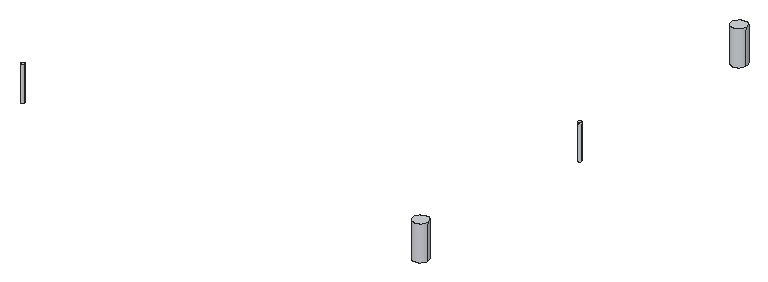
Revit family "Galapagos 200x200", category Aparatos sanitarios, Revit 2017
Family settings
  Cota de conector redondo = Diámetro de uso
  Tipo de pieza = Normal
  Número OmniClass = 23.45.00.00
  Título OmniClass = Sanitary, Laundry, and Cleaning Equipment
  Se basa en plano de trabajo = No
  Siempre vertical = Sí
  Corte con vacíos al cargar = No
  Compartido = No
  Punto de cálculo de habitación = No
Reference planes
  plane 1 "Centro (Frontal/Posterior)": y = 0
  plane 2: z = 0
  plane 3 "Centro (Izquierda/Derecha)": x = 0
Forms (mm)
  Extrusion 1, solid
    sketch origin (0, 0, 0) x (1, 0, 0) y (0, 1, 0)
      loop
        circle (700, 700) r 25.4
      loop
        circle (700, -700) r 25.4
      loop
        circle (700, 0) r 6.35
      loop
        circle (-700, -700) r 6.35
    from 0 to 120
Dimensions and locks
  Extrusion 1 sketch curve to plane 3 "Centro (Izquierda/Derecha)" = 700 mm
  plane 3 "Centro (Izquierda/Derecha)" to Extrusion 1 sketch curve = 700 mm  (x3)
  Extrusion 1 sketch curve to plane 1 "Centro (Frontal/Posterior)" = 700 mm  (x2)
  plane 1 "Centro (Frontal/Posterior)" to Extrusion 1 sketch curve = 700 mm
  radius of Extrusion 1 sketch curve = 25.4 mm  (x2)
  aligned and locked: level to plane 2
